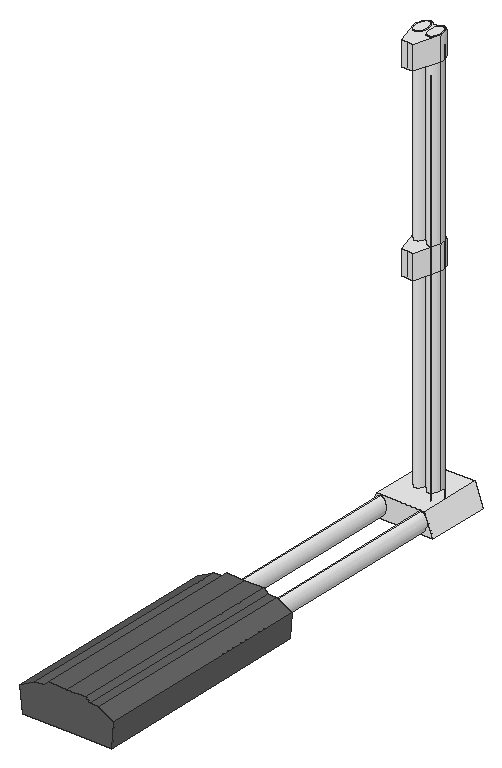
Revit family "HCL_Latchways_BaluAndGuardSym_VersiRail_Freestanding", category Railings, host Face, Revit 2014
Parameters (values of type "BalustradeAndGuardingSystem_VersiRailFreestanding_Straight_MSA_Latchways")
  WarrantyStartDate [instance] = "1900-12-31T23:59:59"
  WarrantyGuarantorParts = "n/a"
  WarrantyGuarantorLabor = "n/a"
  WarrantyDurationUnit = "year"
  WarrantyDurationParts = "n/a"
  WarrantyDurationLabor = "n/a"
  WarrantyDescription = "n/a"
  Version = "1"  # constant formula
  Uniclass2 = "Ss_25_15_60_05"
  URL = "www.latchways.com"
  Type Comments = "n/a"
  TagNumber [instance] = "n/a"
  SustainabilityPerformance = "n/a"
  Straight = yes
  Size = "235 x 1310 x 1150 mm"
  Shape = "n/a"
  ServiceLifeDuration = "n/a"
  SerialNumber [instance] = "n/a"
  Revision = "n/a"
  ReplacementCost = "n/a"
  Reference = "n/a"
  RailMaterial = LWplc_Latchwaysplc_Aluminium_Polished
  RailAngle = 90.00°
  ProductInformation = "www.latchways.com/BIM/Latchways_FreestandingStraightVersiRail_Datasheet.pdf"
  PostBaseGap [instance] = 10 mm
  NominalWidth = 253 mm
  NominalLength = 1310 mm
  NominalHeight = 1150 mm
  Name = "BalustradeAndGuardingSystem_VersiRailFreestanding_Straight_MSA_Latchways"
  NBSReference = "25-25-10/110"
  NBSNote = "n/a"
  NBSDescription = "Balustrade and guarding system"
  ModelReference = "VersiRail - Straight Freestanding assembly"
  ModelNumber = "22000-00+22080-01"
  Model = "22100-00+22080-00"
  Material = "Handrails & Uprights: Aluminium; Counterweight: Concrete filled HDPE with UV protection"
  ManufacturerURL = "www.latchways.com"
  ManufacturerName = "MSA Latchways"
  Manufacturer = "info@latchways.com"
  Keynote = ""
  IsExternal = yes
  Installer Website = "https://www.hclsafety.com/"
  Installer Info = "https://www.hclsafety.com/wp-content/uploads/2017/10/AC55-HCL-A4-brochure-2017.pdf"
  InstallationDate [instance] = "1900-12-31T23:59:59"
  Inclined = no
  IfcExportType = "IfcRailing"  # constant formula
  IfcExportAs = "GUARDRAIL"  # constant formula
  Height = 1150 mm
  Grade = "n/a"
  Finish = "n/a"
  Features = "n/a"
  ExpectedLife = "n/a"
  DurationUnit = "year"
  Diameter = 40 mm
  Description = "Latchways ManSafe® for Roofing, using VersiRail"
  Default Elevation = 1219.2 mm
  Curved = no
  CounterWeightMaterial = LWplc_Latchwaysplc_Plastic_VersiRailWeight
  Constituents = "n/a"
  Color = "n/a"
  CodePerformance = "n/a"
  Category = "n/a"
  BasePlateMaterial = LWplc_Latchwaysplc_Aluminium_Polished
  BarCode [instance] = "n/a"
  BIMObjectName = "HCL_Latchways_BalustradeAndGuardingSystem_VersiRailFreestanding_Straight"
  Author = "MSA Latchways"  # constant formula
  AssetType = "Movable"
  AssetIdentifier [instance] = "n/a"
  AccessibilityPerformance = "n/a"
Types (4, lengths in mm): name | Straight | ProductInformation | Name | ModelReference | ModelNumber | Inclined | Curved | BIMObjectName
  (no name) | yes | "www.latchways.com/BIM/Latchways_FreestandingStraightVersiRail_Datasheet.pdf" | "BalustradeAndGuardingSystem_VersiRailFreestanding_Straight_MSA_Latchways" | "VersiRail - Straight Freestanding assembly" | "22000-00+22080-01" | no | no | "HCL_Latchways_BalustradeAndGuardingSystem_VersiRailFreestanding_Straight"
  BalustradeAndGuardingSystem_VersiRailFreestanding_Straight_MSA_Latchways | yes | "www.latchways.com/BIM/Latchways_FreestandingStraightVersiRail_Datasheet.pdf" | "BalustradeAndGuardingSystem_VersiRailFreestanding_Straight_MSA_Latchways" | "VersiRail - Straight Freestanding assembly" | "22000-00+22080-01" | no | no | "HCL_Latchways_BalustradeAndGuardingSystem_VersiRailFreestanding_Straight"
  BalustradeAndGuardingSystem_VersiRailFreestanding_Inclined_MSA_Latchways | no | "www.latchways.com/BIM/Latchways_FreestandingInclinedVersiRail_Datasheet.pdf" | "BalustradeAndGuardingSystem_VersiRailFreestanding_Inclined_MSA_Latchways" | "VersiRail - Inclined Freestanding assembly" | "22100-00+22080-01" | yes | no | "HCL_Latchways_BalustradeAndGuardingSystem_VersiRailFreestanding_Inclined"
  BalustradeAndGuardingSystem_VersiRailFreestanding_Curved_MSA_Latchways | no | "www.latchways.com/BIM/Latchways_FreestandingCurvedVersiRail_Datasheet.pdf" | "BalustradeAndGuardingSystem_VersiRailFreestanding_Curved_MSA_Latchways" | "VersiRail - Curved Freestanding assembly" | "22200-00+22080-01" | no | yes | "HCL_Latchways_BalustradeAndGuardingSystem_VersiRailFreestanding_Curved"
Reference planes
  plane 1 "Center (Front/Back)": y = 0
  plane 2: z = 0
  plane 3 "Center (Left/Right)": x = 0
Lines and regions (mm)
  reference lines
    curve 1: line (0, 0, 0) -> (0, 0, 58.3)
    curve 2: line (0, 0, 0) -> (0, 0, 1160)
Dimensions and locks
  "RailAngle": angle level to curve 2
  aligned and locked: plane 2 to host face
  aligned and locked: level to host face
Automatic sketch dimensions
  host sketch curve to host sketch curve = 2438.4 mm
  host sketch curve to host sketch curve = 3252.438 mm
  curve 1 to plane 1 "Center (Front/Back)" = 0 mm
  curve 1 to level = 0 mm
  curve 1 to curve 1 = 58.3 mm
  curve 2 to curve 1 = 0 mm  (x2)
Nested families
  nested 1: "LWplc_VersiRail_BasePlate" at (0, 0, 0), type "LWplc_VersiRail_BasePlate"
  nested 2: "LWplc_VersiRail_CounterWeight" at (0, -617.5, 0), type "LWplc_VersiRail_CounterWeight"
  nested 3: "LWplc_VersiRail_StraightUpright" at (0, -20, 0), PostBaseGap <- "PostBaseGap", visible <- "Straight", type "LWplc_VersiRail_StraightUpright"
    with PostBaseGap 10 mm
  nested 4: "LWplc_VersiRail_InclinedUpright" at (0.625, 26.256, 0) x (-1, 0, 0) z (0, 0, 1), visible <- "Inclined", type "LWplc_VersiRail_InclinedUpright"
    with PostBaseGap 10 mm
  nested 5: "LWplc_VersiRail_CurvedUpright" at (-0.156, 4.375, 0) x (-1, 0, 0) z (0, 0, 1), visible <- "Curved", type "LWplc_VersiRail_CurvedUpright"
    with PostBaseGap 10 mm
Definition of nested family "LWplc_VersiRail_BasePlate"
  Parameters (values of type "LWplc_VersiRail_BasePlate")
    Default Elevation = 1219.2 mm
    BasePlateMaterial = LWplc_Latchwaysplc_Aluminium_Polished
  Reference planes
    plane 1 "Center (Front/Back)": y = 0
    plane 2: z = 0
    plane 3 "Center (Left/Right)": x = 0
    plane 4: x = -86
    plane 5: x = 86
    plane 6: y = -92.5
    plane 7: y = 92.5
    plane 8: y = 74.7
    plane 9: x = 35.5
    plane 10: x = -35.5
    plane 11: x = -54.8
    plane 12: x = 54.8
    plane 13: z = 58.3
    plane 14: z = 55
  Forms (mm)
    Extrusion 1, solid
      sketch origin (0, 0, 0) x (1, 0, 0) y (0, 1, 0)
        loop
          line (-1219.2, 1219.2) -> (-1219.2, -1219.2) -> (1219.2, -1219.2) -> (1219.2, 1219.2) -> (-1219.2, 1219.2)
      from 0 to -304.8
    Blend 2, solid, material "LWplc_Latchwaysplc_Aluminium_Polished" <- "BasePlateMaterial"
      base sketch origin (0, 0, 0) x (1, 0, 0) y (0, 1, 0)
        loop
          line (-86, 74.7) -> (-86, -92.5) -> (86, -92.5) -> (86, 74.7) -> (35.5, 92.5) -> (-35.5, 92.5) -> (-86, 74.7)
      top sketch origin (0, 0, 0) x (1, 0, 0) y (0, 1, 0)
        loop
          line (64.5, -92.5) -> (64.5, 74.7) -> (-64.5, 74.7) -> (-64.5, -92.5) -> (64.5, -92.5)
      from 0 to 58.3
    Extrusion 3, solid, material "LWplc_Latchwaysplc_Aluminium_Polished" <- "BasePlateMaterial"
      sketch origin (-0.1, 0, 2) x (1, 0, 0) y (0, 0, 1)
        loop
          spline (-54.7, 53) -> (-58.505, 52.182) -> (-62.05, 49.785) -> (-65.094, 45.971) -> (-67.431, 41) -> (-68.899, 35.212) -> (-69.4, 29) -> (-68.899, 22.788) -> (-67.431, 17) -> (-65.094, 12.029) -> (-62.05, 8.215) -> (-58.505, 5.818) -> (-54.7, 5)
          spline (-54.7, 5) -> (-50.895, 5.818) -> (-47.35, 8.215) -> (-44.306, 12.029) -> (-41.969, 17) -> (-40.501, 22.788) -> (-40, 29) -> (-40.501, 35.212) -> (-41.969, 41) -> (-44.306, 45.971) -> (-47.35, 49.785) -> (-50.895, 52.182) -> (-54.7, 53)
        loop
          spline (54.9, 53) -> (51.095, 52.182) -> (47.55, 49.785) -> (44.506, 45.971) -> (42.169, 41) -> (40.701, 35.212) -> (40.2, 29) -> (40.701, 22.788) -> (42.169, 17) -> (44.506, 12.029) -> (47.55, 8.215) -> (51.095, 5.818) -> (54.9, 5)
          spline (54.9, 5) -> (58.705, 5.818) -> (62.25, 8.215) -> (65.294, 12.029) -> (67.631, 17) -> (69.099, 22.788) -> (69.6, 29) -> (69.099, 35.212) -> (67.631, 41) -> (65.294, 45.971) -> (62.25, 49.785) -> (58.705, 52.182) -> (54.9, 53)
      from 92.5 to 946
  Dimensions and locks
    aligned and locked: plane 2 to Extrusion 1
    aligned and locked: level to Extrusion 1
    aligned and locked: Blend 2 sketch curve to plane 5
    aligned and locked: plane 6 to Blend 2 sketch curve  (x2)
    aligned and locked: plane 4 to Blend 2 sketch curve
    aligned and locked: Blend 2 sketch curve to plane 7
    aligned and locked: Blend 2 sketch curve to plane 8
    aligned and locked: plane 13 to Blend 2
    aligned and locked: Extrusion 3 to Blend 2
Definition of nested family "LWplc_VersiRail_CounterWeight"
  Parameters (values of type "LWplc_VersiRail_CounterWeight")
    Default Elevation = 1219.2 mm
    CounterWeightWidth = 252 mm
    CounterWeightMaterial = LWplc_Latchwaysplc_Plastic_VersiRailWeight
    CounterWeightLength = 600 mm
    CounterWeightHeight = 100 mm
  Reference planes
    plane 1 "Center (Front/Back)": y = 0
    plane 2: z = 0
    plane 3 "Center (Left/Right)": x = 0
    plane 4: y = -600
    plane 5: x = -126
    plane 6: x = 126
    plane 7: x = -85.5
    plane 8: x = 85.5
    plane 9: x = -60.6
    plane 10: x = 60.6
    plane 11: x = -49.5
    plane 12: x = 49.5
    plane 13: z = 66.8
    plane 14: z = 88.9
    plane 15: z = 100
  Forms (mm)
    Extrusion 1, solid
      sketch origin (0, 0, 0) x (1, 0, 0) y (0, 1, 0)
        loop
          line (-1219.2, 1219.2) -> (-1219.2, -1219.2) -> (1219.2, -1219.2) -> (1219.2, 1219.2) -> (-1219.2, 1219.2)
      from 0 to -304.8
    Extrusion 2, solid, material "LWplc_Latchwaysplc_Plastic_VersiRailWeight" <- "CounterWeightMaterial", detail levels medium+fine
      sketch origin (0, 0, 0) x (1, 0, 0) y (0, 0, 1)
        loop
          line (0, 0) -> (120.3, 0) -> (126, 66.8) -> (85.5, 88.9) -> (60.6, 88.9) -> (49.5, 100) -> (0, 100) -> (-49.5, 100) -> (-60.6, 88.9) -> (-85.5, 88.9) -> (-126, 66.8) -> (-120.3, 0) -> (0, 0)
      from 0 to 600
    Extrusion 3, solid, material "LWplc_Latchwaysplc_Plastic_VersiRailWeight" <- "CounterWeightMaterial", detail levels coarse
      sketch origin (0, 0, 0) x (1, 0, 0) y (0, 0, 1)
        loop
          line (-126, 100) -> (-126, 0) -> (126, 0) -> (126, 100) -> (-126, 100)
      from 0 to 600
  Lines and regions (mm)
    model lines, detail levels fine
      curve 1: circle (0, -43.7, 100) r 25 normal (0, 0, 1)
      curve 2: circle (0, -143.7, 100) r 25 normal (0, 0, 1)
  Dimensions and locks
    "CounterWeightLength": plane 1 "Center (Front/Back)" to plane 4
    equal spacing: plane 5, plane 3 "Center (Left/Right)", plane 6
    "CounterWeightWidth": plane 6 to plane 5
    locked: plane 15 to plane 14 at 11.1
    "CounterWeightHeight": plane 15 to plane 2
    locked: plane 14 to plane 13 at 22.1
    aligned and locked: plane 2 to Extrusion 1
    aligned and locked: level to Extrusion 1
    aligned and locked: Extrusion 2 to plane 4
    aligned and locked: plane 15 to Extrusion 2
    aligned and locked: plane 5 to Extrusion 2 sketch curve
    aligned and locked: plane 6 to Extrusion 2 sketch curve
    aligned and locked: plane 14 to Extrusion 2  (x2)
    aligned and locked: Extrusion 3 sketch curve to plane 15
    aligned and locked: plane 5 to Extrusion 3 sketch curve
    aligned and locked: level to Extrusion 3 sketch curve
    aligned and locked: plane 6 to Extrusion 3 sketch curve
    aligned and locked: Extrusion 3 to plane 1 "Center (Front/Back)"
    aligned and locked: Extrusion 3 to plane 4
  Automatic sketch dimensions
    Extrusion 1 sketch curve to Extrusion 1 sketch curve = 2438.4 mm  (x2)
    Extrusion 2 sketch curve to level = 0 mm
    Extrusion 2 sketch curve to plane 7 = 0 mm
    plane 9 to Extrusion 2 sketch curve = 0 mm
    Extrusion 2 sketch curve to plane 11 = 0 mm
    Extrusion 2 sketch curve to plane 3 "Center (Left/Right)" = 0 mm  (x2)
    plane 12 to Extrusion 2 sketch curve = 0 mm
    Extrusion 2 sketch curve to plane 10 = 0 mm
    plane 8 to Extrusion 2 sketch curve = 0 mm
    Extrusion 2 sketch curve to plane 13 = 0 mm  (x2)
    Extrusion 2 sketch curve to plane 14 = 0 mm  (x2)
    Extrusion 2 sketch curve to plane 15 = 0 mm
    plane 5 to Extrusion 2 sketch curve = 5.7 mm
    plane 6 to Extrusion 2 sketch curve = 5.7 mm
    curve 1 to Extrusion 2 = 0 mm
    curve 2 to Extrusion 2 = 0 mm
    Extrusion 2 to curve 1 = 43.7 mm
    curve 1 to curve 2 = 100 mm
    radius of curve 1 = 25 mm
    radius of curve 2 = 25 mm
Definition of nested family "LWplc_VersiRail_StraightUpright"
  Parameters (values of type "LWplc_VersiRail_StraightUpright")
    RailMaterial = LWplc_Latchwaysplc_Aluminium_Polished
    PostBaseGap [instance] = 10 mm
    Heightof Post = 1150 mm
    Default Elevation = 1219.2 mm
  Reference planes
    plane 1 "Center (Front/Back)": y = 0
    plane 2: z = 0
    plane 3 "Center (Left/Right)": x = 0
    plane 4: z = 10
    plane 5: z = 1160
    plane 6: z = 1095
    plane 7: z = 655
    plane 8: z = 590
    plane 9: z = 1050
    plane 10: z = 622.5
    plane 11: y = -26.25
    plane 12: z = 1127.5
  Forms (mm)
    Extrusion 1, solid
      sketch origin (0, 0, 0) x (1, 0, 0) y (0, 1, 0)
        loop
          line (-1219.2, 1219.2) -> (-1219.2, -1219.2) -> (1219.2, -1219.2) -> (1219.2, 1219.2) -> (-1219.2, 1219.2)
      from 0 to -304.8
    Extrusion 2, solid, material "LWplc_Latchwaysplc_Aluminium_Polished" <- "RailMaterial", detail levels medium+fine
      sketch origin (0, 108.1, 590) x (1, 0, 0) y (0, 1, 0)
        loop
          line (0, -160) -> (15, -160) -> (36.16, -90.929)
          spline (36.16, -90.929) -> (36.327, -85.309) -> (35.805, -79.744) -> (34.612, -74.442) -> (32.795, -69.604) -> (30.42, -65.412) -> (27.579, -62.024) -> (24.376, -59.566) -> (20.934, -58.132) -> (17.382, -57.775) -> (13.852, -58.509) -> (10.479, -60.307) -> (7.389, -63.1)
          line (7.389, -63.1) -> (-7.389, -63.1)
          spline (-7.389, -63.1) -> (-10.479, -60.307) -> (-13.852, -58.509) -> (-17.382, -57.775) -> (-20.934, -58.132) -> (-24.376, -59.566) -> (-27.579, -62.024) -> (-30.42, -65.412) -> (-32.795, -69.604) -> (-34.612, -74.442) -> (-35.805, -79.744) -> (-36.327, -85.309) -> (-36.16, -90.929)
          line (-36.16, -90.929) -> (-15, -160) -> (0, -160)
      from 0 to 65
    Extrusion 3, solid, material "LWplc_Latchwaysplc_Aluminium_Polished" <- "RailMaterial"
      sketch origin (0, -2.821, 0) x (1, 0, 0) y (0, 1, 0)
        loop
          spline (-32.35, 24.159) -> (-31.861, 17.688) -> (-30.428, 11.659) -> (-28.147, 6.481) -> (-25.175, 2.508) -> (-21.714, 0.011) -> (-18, -0.841) -> (-14.286, 0.011) -> (-10.825, 2.508) -> (-7.853, 6.481) -> (-5.573, 11.659) -> (-4.139, 17.688) -> (-3.65, 24.159)
          spline (-3.65, 24.159) -> (-4.139, 30.629) -> (-5.573, 36.659) -> (-7.853, 41.837) -> (-10.825, 45.81) -> (-14.286, 48.307) -> (-18, 49.159) -> (-21.714, 48.307) -> (-25.175, 45.81) -> (-28.147, 41.837) -> (-30.428, 36.659) -> (-31.861, 30.629) -> (-32.35, 24.159)
        loop
          spline (32.35, 24.159) -> (31.861, 30.629) -> (30.428, 36.659) -> (28.147, 41.837) -> (25.175, 45.81) -> (21.714, 48.307) -> (18, 49.159) -> (14.286, 48.307) -> (10.825, 45.81) -> (7.853, 41.837) -> (5.573, 36.659) -> (4.139, 30.629) -> (3.65, 24.159)
          spline (3.65, 24.159) -> (4.139, 17.688) -> (5.573, 11.659) -> (7.853, 6.481) -> (10.825, 2.508) -> (14.286, 0.011) -> (18, -0.841) -> (21.714, 0.011) -> (25.175, 2.508) -> (28.147, 6.481) -> (30.428, 11.659) -> (31.861, 17.688) -> (32.35, 24.159)
      from 10 to 1160
    Extrusion 4, solid, material "LWplc_Latchwaysplc_Aluminium_Polished" <- "RailMaterial", detail levels medium+fine
      sketch origin (0, 108.1, 1090) x (1, 0, 0) y (0, 1, 0)
        loop
          line (0, -160) -> (15, -160) -> (36.16, -90.929)
          spline (36.16, -90.929) -> (36.327, -85.309) -> (35.805, -79.744) -> (34.612, -74.442) -> (32.795, -69.604) -> (30.42, -65.412) -> (27.579, -62.024) -> (24.376, -59.566) -> (20.934, -58.132) -> (17.382, -57.775) -> (13.852, -58.509) -> (10.479, -60.307) -> (7.389, -63.1)
          line (7.389, -63.1) -> (-7.389, -63.1)
          spline (-7.389, -63.1) -> (-10.479, -60.307) -> (-13.852, -58.509) -> (-17.382, -57.775) -> (-20.934, -58.132) -> (-24.376, -59.566) -> (-27.579, -62.024) -> (-30.42, -65.412) -> (-32.795, -69.604) -> (-34.612, -74.442) -> (-35.805, -79.744) -> (-36.327, -85.309) -> (-36.16, -90.929)
          line (-36.16, -90.929) -> (-15, -160) -> (0, -160)
      from 5 to 70
  Lines and regions (mm)
    model lines, detail levels coarse
      curve 1: circle (0, -26.25, 622.5) r 20 normal (1, 0, 0)
      curve 2: circle (0, -26.25, 1127.5) r 20 normal (1, 0, 0)
  Dimensions and locks
    locked: plane 7 to plane 8 at 65
    "Heightof Post": plane 5 to plane 4
    locked: plane 5 to plane 6 at 65
    "PostBaseGap": plane 4 to plane 2
    locked: plane 10 to plane 7 at 32.5
    locked: plane 1 "Center (Front/Back)" to plane 11 at 26.25
    locked: plane 5 to plane 12 at 32.5
    aligned and locked: plane 2 to Extrusion 1
    aligned and locked: level to Extrusion 1
    aligned and locked: Extrusion 3 to plane 4
    aligned and locked: plane 5 to Extrusion 3
    aligned and locked: plane 7 to Extrusion 2
    aligned and locked: Extrusion 2 to plane 8
    aligned and locked: Extrusion 4 to Extrusion 3
    aligned and locked: Extrusion 4 to plane 6
    aligned and locked: plane 5 to Extrusion 4
    aligned and locked: plane 10 to curve 1
    aligned and locked: plane 11 to curve 1
    aligned and locked: plane 12 to curve 2
    aligned and locked: plane 11 to curve 2
  Automatic sketch dimensions
    Extrusion 1 sketch curve to Extrusion 1 sketch curve = 2438.4 mm  (x2)
    Extrusion 2 sketch curve to plane 3 "Center (Left/Right)" = 0 mm
    plane 11 to Extrusion 2 sketch curve = 25.65 mm
    Extrusion 2 sketch curve to plane 3 "Center (Left/Right)" = 7.389 mm
    Extrusion 2 sketch curve to plane 3 "Center (Left/Right)" = 15 mm
    Extrusion 2 sketch curve to plane 3 "Center (Left/Right)" = 36.16 mm
    plane 3 "Center (Left/Right)" to Extrusion 2 sketch curve = 7.389 mm
    Extrusion 2 sketch curve to Extrusion 2 sketch curve = 15 mm
    plane 3 "Center (Left/Right)" to Extrusion 2 sketch curve = 36.16 mm
    Extrusion 2 sketch curve to plane 3 "Center (Left/Right)" = 18 mm
    Extrusion 2 sketch curve to plane 3 "Center (Left/Right)" = 0.35 mm
    plane 3 "Center (Left/Right)" to Extrusion 2 sketch curve = 0.35 mm
    Extrusion 2 sketch curve to Extrusion 2 sketch curve = 17.65 mm
    Extrusion 2 sketch curve to plane 1 "Center (Front/Back)" = 17.171 mm  (x2)
    Extrusion 2 sketch curve to Extrusion 2 sketch curve = 27.829 mm
    Extrusion 3 sketch curve to plane 3 "Center (Left/Right)" = 32.35 mm
    Extrusion 3 sketch curve to Extrusion 3 sketch curve = 14.35 mm  (x2)
    plane 3 "Center (Left/Right)" to Extrusion 3 sketch curve = 3.65 mm
    Extrusion 3 sketch curve to plane 1 "Center (Front/Back)" = 21.338 mm  (x2)
    Extrusion 4 sketch curve to plane 3 "Center (Left/Right)" = 0 mm
    plane 11 to Extrusion 4 sketch curve = 25.65 mm
    Extrusion 4 sketch curve to plane 3 "Center (Left/Right)" = 7.389 mm
    Extrusion 4 sketch curve to plane 3 "Center (Left/Right)" = 15 mm
    Extrusion 4 sketch curve to plane 3 "Center (Left/Right)" = 36.16 mm
    plane 3 "Center (Left/Right)" to Extrusion 4 sketch curve = 7.389 mm
    Extrusion 4 sketch curve to Extrusion 4 sketch curve = 15 mm
    plane 3 "Center (Left/Right)" to Extrusion 4 sketch curve = 36.16 mm
    Extrusion 4 sketch curve to plane 3 "Center (Left/Right)" = 18 mm
    Extrusion 4 sketch curve to plane 3 "Center (Left/Right)" = 0.35 mm
    plane 3 "Center (Left/Right)" to Extrusion 4 sketch curve = 0.35 mm
    Extrusion 4 sketch curve to Extrusion 4 sketch curve = 17.65 mm
    Extrusion 4 sketch curve to plane 1 "Center (Front/Back)" = 17.171 mm  (x2)
    Extrusion 4 sketch curve to Extrusion 4 sketch curve = 27.829 mm
    radius of curve 1 = 20 mm
    radius of curve 2 = 20 mm
Definition of nested family "LWplc_VersiRail_InclinedUpright"
  Parameters (values of type "LWplc_VersiRail_InclinedUpright")
    RailMaterial = LWplc_Latchwaysplc_Aluminium_Polished
    PostExtention = Heightof Post - 640 mm  # 510 mm
    PostBaseGap [instance] = 10 mm
    Heightof Post = 1150 mm
    Default Elevation = 1150 mm
  Reference planes
    plane 1 "Center (Front/Back)": y = 0
    plane 2: z = 0
    plane 3 "Center (Left/Right)": x = 0
    plane 4: z = 10
  Forms (mm)
    Extrusion 1, solid
      sketch origin (0, 0, 0) x (1, 0, 0) y (0, 1, 0)
        loop
          line (-1219.2, 1219.2) -> (-1219.2, -1219.2) -> (1219.2, -1219.2) -> (1219.2, 1219.2) -> (-1219.2, 1219.2)
      from 0 to -304.8
    Sweep 2, solid, material "LWplc_Latchwaysplc_Aluminium_Polished" <- "RailMaterial"
      path origin (0.683, 0.704, 0) x (0, 1, 0) y (0, 0, 1)
        loop
          line (0, 10) -> (0, 124)
          arc (0, 124) -> (25.09, 396.969) -> (99.52, 660.791) r 1497.436
          line (99.52, 660.791) -> (307.434, 1126.486)
      profile origin (0.683, 0.704, 67) x (0, -1, 0) y (1, 0, 0)
        loop
          spline (-24.159, -32.35) -> (-17.688, -31.861) -> (-11.659, -30.428) -> (-6.481, -28.147) -> (-2.508, -25.175) -> (-0.011, -21.714) -> (0.841, -18) -> (-0.011, -14.286) -> (-2.508, -10.825) -> (-6.481, -7.853) -> (-11.659, -5.573) -> (-17.688, -4.139) -> (-24.159, -3.65)
          spline (-24.159, -3.65) -> (-30.629, -4.139) -> (-36.659, -5.573) -> (-41.837, -7.853) -> (-45.81, -10.825) -> (-48.307, -14.286) -> (-49.159, -18) -> (-48.307, -21.714) -> (-45.81, -25.175) -> (-41.837, -28.147) -> (-36.659, -30.428) -> (-30.629, -31.861) -> (-24.159, -32.35)
        loop
          spline (-24.159, 32.35) -> (-30.629, 31.861) -> (-36.659, 30.428) -> (-41.837, 28.147) -> (-45.81, 25.175) -> (-48.307, 21.714) -> (-49.159, 18) -> (-48.307, 14.286) -> (-45.81, 10.825) -> (-41.837, 7.853) -> (-36.659, 5.573) -> (-30.629, 4.139) -> (-24.159, 3.65)
          spline (-24.159, 3.65) -> (-17.688, 4.139) -> (-11.659, 5.573) -> (-6.481, 7.853) -> (-2.508, 10.825) -> (-0.011, 14.286) -> (0.841, 18) -> (-0.011, 21.714) -> (-2.508, 25.175) -> (-6.481, 28.147) -> (-11.659, 30.428) -> (-17.688, 31.861) -> (-24.159, 32.35)
    Extrusion 3, solid, material "LWplc_Latchwaysplc_Aluminium_Polished" <- "RailMaterial", detail levels medium+fine
      sketch origin (0.683, 12.313, 602.504) x (1, 0, 0) y (0, 0.945519, -0.325568)
        loop
          line (0, 160) -> (-15, 160) -> (-36.16, 90.929)
          spline (-36.16, 90.929) -> (-36.327, 85.309) -> (-35.805, 79.744) -> (-34.612, 74.442) -> (-32.795, 69.604) -> (-30.42, 65.412) -> (-27.579, 62.024) -> (-24.376, 59.566) -> (-20.934, 58.132) -> (-17.382, 57.775) -> (-13.852, 58.509) -> (-10.479, 60.307) -> (-7.389, 63.1)
          line (-7.389, 63.1) -> (7.389, 63.1)
          spline (7.389, 63.1) -> (10.479, 60.307) -> (13.852, 58.509) -> (17.382, 57.775) -> (20.934, 58.132) -> (24.376, 59.566) -> (27.579, 62.024) -> (30.42, 65.412) -> (32.795, 69.604) -> (34.612, 74.442) -> (35.805, 79.744) -> (36.327, 85.309) -> (36.16, 90.929)
          line (36.16, 90.929) -> (15, 160) -> (0, 160)
      from 0 to 65
    Extrusion 4, solid, material "LWplc_Latchwaysplc_Aluminium_Polished" <- "RailMaterial", detail levels medium+fine
      sketch origin (-6.967, 323.906, 1119.446) x (1, 0, 0) y (0, 0.913127, -0.407676)
        loop
          line (7.262, 78.799) -> (-7.738, 78.799) -> (-28.898, 9.729)
          spline (-28.898, 9.729) -> (-29.066, 4.109) -> (-28.543, -1.457) -> (-27.351, -6.758) -> (-25.533, -11.596) -> (-23.159, -15.788) -> (-20.317, -19.177) -> (-17.115, -21.634) -> (-13.673, -23.069) -> (-10.12, -23.425) -> (-6.591, -22.691) -> (-3.217, -20.894) -> (-0.127, -18.101)
          line (-0.127, -18.101) -> (14.65, -18.101)
          spline (14.65, -18.101) -> (17.741, -20.894) -> (21.114, -22.691) -> (24.643, -23.425) -> (28.196, -23.069) -> (31.638, -21.634) -> (34.84, -19.177) -> (37.682, -15.788) -> (40.056, -11.596) -> (41.874, -6.758) -> (43.066, -1.457) -> (43.589, 4.109) -> (43.421, 9.729)
          line (43.421, 9.729) -> (22.262, 78.799) -> (7.262, 78.799)
      from 0 to -65
  Lines and regions (mm)
    model lines, detail levels coarse
      curve 1: circle (0, 361.015, 1067.805) r 20 normal (1, 0, 0)
      curve 2: circle (0, 153.399, 588.391) r 20 normal (1, 0, 0)
  Dimensions and locks
    "PostExtention": Sweep 2 sketch curve to Sweep 2 sketch curve
    locked: Extrusion 4 to curve 1 at 32.027
    locked: Extrusion 4 to curve 1 at 23.861
    locked: Extrusion 3 to curve 2 at 22.006
    locked: Extrusion 3 to curve 2 at 32.588
    locked: Sweep 2 sketch curve to level (angle 65.9411°)
    aligned and locked: plane 2 to Extrusion 1
    aligned and locked: level to Extrusion 1
  Automatic sketch dimensions
    Extrusion 1 sketch curve to Extrusion 1 sketch curve = 2438.4 mm  (x2)
    profile plane to Sweep 2 sketch curve = 24.159 mm
    Sweep 2 sketch curve to Sweep 2 sketch curve = 0 mm
    Sweep 2 sketch curve to profile plane = 32.35 mm
    Sweep 2 sketch curve to Sweep 2 sketch curve = 14.35 mm  (x2)
    profile plane to Sweep 2 sketch curve = 3.65 mm
    Extrusion 3 sketch curve to plane 3 "Center (Left/Right)" = 35.477 mm
    plane 3 "Center (Left/Right)" to Extrusion 3 sketch curve = 8.072 mm
    Extrusion 3 sketch curve to plane 3 "Center (Left/Right)" = 6.706 mm
    plane 3 "Center (Left/Right)" to Extrusion 3 sketch curve = 36.843 mm
    Extrusion 3 sketch curve to plane 3 "Center (Left/Right)" = 14.317 mm
    plane 3 "Center (Left/Right)" to Extrusion 3 sketch curve = 15.683 mm
    plane 3 "Center (Left/Right)" to Extrusion 3 sketch curve = 0.683 mm
    Extrusion 3 sketch curve to plane 3 "Center (Left/Right)" = 17.317 mm
    plane 3 "Center (Left/Right)" to Extrusion 3 sketch curve = 0.333 mm
    Extrusion 3 sketch curve to Extrusion 3 sketch curve = 0.7 mm
    Extrusion 3 sketch curve to Extrusion 3 sketch curve = 17.65 mm
    Extrusion 3 sketch curve to Extrusion 3 sketch curve = 27.829 mm
    Extrusion 3 sketch curve to Extrusion 3 sketch curve = 4.167 mm
    Extrusion 3 sketch curve to Extrusion 3 sketch curve = 69.071 mm
    Extrusion 4 sketch curve to Extrusion 4 sketch curve = 21.16 mm
    Extrusion 4 sketch curve to Extrusion 4 sketch curve = 28.771 mm  (x2)
    Extrusion 4 sketch curve to Extrusion 4 sketch curve = 15 mm  (x2)
    Extrusion 4 sketch curve to Extrusion 4 sketch curve = 14.778 mm
    Extrusion 4 sketch curve to Extrusion 4 sketch curve = 18.16 mm
    Extrusion 4 sketch curve to Extrusion 4 sketch curve = 17.65 mm  (x2)
    Extrusion 4 sketch curve to Extrusion 4 sketch curve = 0.7 mm
    Extrusion 4 sketch curve to Extrusion 4 sketch curve = 27.829 mm
    Extrusion 4 sketch curve to Extrusion 4 sketch curve = 4.167 mm
    Extrusion 4 sketch curve to Extrusion 4 sketch curve = 69.071 mm
    Sweep 2 sketch curve to plane 1 "Center (Front/Back)" = 0.704 mm
    plane 4 to Sweep 2 sketch curve = 114 mm
    Sweep 2 sketch curve to plane 4 = 0 mm
    Sweep 2 sketch curve to plane 1 "Center (Front/Back)" = 100.224 mm
    Sweep 2 sketch curve to Sweep 2 sketch curve = 1497.436 mm
    radius of curve 1 = 20 mm
    radius of curve 2 = 20 mm
Definition of nested family "LWplc_VersiRail_CurvedUpright"
  Parameters (values of type "LWplc_VersiRail_CurvedUpright")
    RailMaterial = LWplc_Latchwaysplc_Aluminium_Polished
    RadiusofPost = Heightof Post + 344 mm  # 1494 mm
    PostBaseGap [instance] = 10 mm
    Heightof Post = 1150 mm
    Default Elevation = 1219.2 mm
  Reference planes
    plane 1 "Center (Front/Back)": y = 0
    plane 2: z = 0
    plane 3 "Center (Left/Right)": x = 0
    plane 4: z = 10
  Forms (mm)
    Extrusion 1, solid
      sketch origin (0, 0, 0) x (1, 0, 0) y (0, 1, 0)
        loop
          line (-1219.2, 1219.2) -> (-1219.2, -1219.2) -> (1219.2, -1219.2) -> (1219.2, 1219.2) -> (-1219.2, 1219.2)
      from 0 to -304.8
    Sweep 2, solid, material "LWplc_Latchwaysplc_Aluminium_Polished" <- "RailMaterial"
      path origin (-0.149, -45.183, 0) x (0, 1, 0) y (0, 0, 1)
        loop
          line (24.159, 10) -> (24.159, 125)
          arc (24.159, 125) -> (139.38, 700.33) -> (467.271, 1186.918) r 1494
      profile origin (-0.149, -21.024, 67.5) x (0, -1, 0) y (1, 0, 0)
        loop
          spline (-24.159, -32.35) -> (-17.688, -31.861) -> (-11.659, -30.428) -> (-6.481, -28.147) -> (-2.508, -25.175) -> (-0.011, -21.714) -> (0.841, -18) -> (-0.011, -14.286) -> (-2.508, -10.825) -> (-6.481, -7.853) -> (-11.659, -5.573) -> (-17.688, -4.139) -> (-24.159, -3.65)
          spline (-24.159, -3.65) -> (-30.629, -4.139) -> (-36.659, -5.573) -> (-41.837, -7.853) -> (-45.81, -10.825) -> (-48.307, -14.286) -> (-49.159, -18) -> (-48.307, -21.714) -> (-45.81, -25.175) -> (-41.837, -28.147) -> (-36.659, -30.428) -> (-30.629, -31.861) -> (-24.159, -32.35)
        loop
          spline (-24.159, 32.35) -> (-30.629, 31.861) -> (-36.659, 30.428) -> (-41.837, 28.147) -> (-45.81, 25.175) -> (-48.307, 21.714) -> (-49.159, 18) -> (-48.307, 14.286) -> (-45.81, 10.825) -> (-41.837, 7.853) -> (-36.659, 5.573) -> (-30.629, 4.139) -> (-24.159, 3.65)
          spline (-24.159, 3.65) -> (-17.688, 4.139) -> (-11.659, 5.573) -> (-6.481, 7.853) -> (-2.508, 10.825) -> (-0.011, 14.286) -> (0.841, 18) -> (-0.011, 21.714) -> (-2.508, 25.175) -> (-6.481, 28.147) -> (-11.659, 30.428) -> (-17.688, 31.861) -> (-24.159, 32.35)
    Extrusion 3, solid, material "LWplc_Latchwaysplc_Aluminium_Polished" <- "RailMaterial", detail levels medium+fine
      sketch origin (-0.149, -10.449, 602.504) x (1, 0, 0) y (0, 0.945519, -0.325568)
        loop
          line (0, 160) -> (-15, 160) -> (-36.16, 90.929)
          spline (-36.16, 90.929) -> (-36.327, 85.309) -> (-35.805, 79.744) -> (-34.612, 74.442) -> (-32.795, 69.604) -> (-30.42, 65.412) -> (-27.579, 62.024) -> (-24.376, 59.566) -> (-20.934, 58.132) -> (-17.382, 57.775) -> (-13.852, 58.509) -> (-10.479, 60.307) -> (-7.389, 63.1)
          line (-7.389, 63.1) -> (7.389, 63.1)
          spline (7.389, 63.1) -> (10.479, 60.307) -> (13.852, 58.509) -> (17.382, 57.775) -> (20.934, 58.132) -> (24.376, 59.566) -> (27.579, 62.024) -> (30.42, 65.412) -> (32.795, 69.604) -> (34.612, 74.442) -> (35.805, 79.744) -> (36.327, 85.309) -> (36.16, 90.929)
          line (36.16, 90.929) -> (15, 160) -> (0, 160)
      from 0 to 65
    Extrusion 4, solid, material "LWplc_Latchwaysplc_Aluminium_Polished" <- "RailMaterial", detail levels medium+fine
      sketch origin (-0.149, 349.822, 1259.942) x (1, 0, 0) y (0, 0.703406, -0.710788)
        loop
          line (0, 198.932) -> (-15, 198.932) -> (-36.16, 129.861)
          spline (-36.16, 129.861) -> (-36.327, 124.241) -> (-35.805, 118.676) -> (-34.612, 113.374) -> (-32.795, 108.536) -> (-30.42, 104.344) -> (-27.579, 100.956) -> (-24.376, 98.498) -> (-20.934, 97.064) -> (-17.382, 96.707) -> (-13.852, 97.442) -> (-10.479, 99.239) -> (-7.389, 102.032)
          line (-7.389, 102.032) -> (7.389, 102.032)
          spline (7.389, 102.032) -> (10.479, 99.239) -> (13.852, 97.442) -> (17.382, 96.707) -> (20.934, 97.064) -> (24.376, 98.498) -> (27.579, 100.956) -> (30.42, 104.344) -> (32.795, 108.536) -> (34.612, 113.374) -> (35.805, 118.676) -> (36.327, 124.241) -> (36.16, 129.861)
          line (36.16, 129.861) -> (15, 198.932) -> (0, 198.932)
      from -65 to 0
  Lines and regions (mm)
    model lines, detail levels coarse
      curve 1: circle (0, 449.976, 1112.31) r 20 normal (1, 0, 0)
      curve 2: circle (0, 128.651, 588.374) r 20 normal (1, 0, 0)
  Dimensions and locks
    locked: Extrusion 4 to Extrusion 4 at 65
    "PostBaseGap": plane 4 to plane 2
    locked: Extrusion 4 to curve 1 at 23.548
    locked: Extrusion 4 to curve 1 at 32.343
    locked: Extrusion 3 to curve 2 at 23.878
    locked: Extrusion 3 to curve 2 at 31.926
    "RadiusofPost": radius of Sweep 2 sketch curve
    locked: Sweep 2 sketch curve to Sweep 2 sketch curve (angle 45.2991°)
    aligned and locked: plane 2 to Extrusion 1
    aligned and locked: level to Extrusion 1
    aligned and locked: Extrusion 4 to Sweep 2
    aligned and locked: plane 4 to Sweep 2 sketch curve
  Automatic sketch dimensions
    Extrusion 1 sketch curve to Extrusion 1 sketch curve = 2438.4 mm  (x2)
    plane 1 "Center (Front/Back)" to Sweep 2 sketch curve = 21.024 mm
    plane 4 to Sweep 2 sketch curve = 115 mm
    profile plane to Sweep 2 sketch curve = 24.159 mm
    Sweep 2 sketch curve to Sweep 2 sketch curve = 0 mm
    Sweep 2 sketch curve to profile plane = 32.35 mm
    Sweep 2 sketch curve to Sweep 2 sketch curve = 14.35 mm  (x2)
    profile plane to Sweep 2 sketch curve = 3.65 mm
    Extrusion 3 sketch curve to plane 3 "Center (Left/Right)" = 36.309 mm
    plane 3 "Center (Left/Right)" to Extrusion 3 sketch curve = 7.24 mm
    Extrusion 3 sketch curve to plane 3 "Center (Left/Right)" = 7.538 mm
    plane 3 "Center (Left/Right)" to Extrusion 3 sketch curve = 36.011 mm
    Extrusion 3 sketch curve to plane 3 "Center (Left/Right)" = 15.149 mm
    plane 3 "Center (Left/Right)" to Extrusion 3 sketch curve = 14.851 mm
    Extrusion 3 sketch curve to plane 3 "Center (Left/Right)" = 0.149 mm
    Extrusion 3 sketch curve to plane 3 "Center (Left/Right)" = 18.149 mm
    Extrusion 3 sketch curve to plane 3 "Center (Left/Right)" = 0.499 mm
    plane 3 "Center (Left/Right)" to Extrusion 3 sketch curve = 0.201 mm
    Extrusion 3 sketch curve to Extrusion 3 sketch curve = 17.65 mm
    Extrusion 3 sketch curve to Extrusion 3 sketch curve = 27.829 mm
    Extrusion 3 sketch curve to Extrusion 3 sketch curve = 4.167 mm
    Extrusion 3 sketch curve to Extrusion 3 sketch curve = 69.071 mm
    Extrusion 4 sketch curve to Extrusion 4 sketch curve = 21.16 mm
    Extrusion 4 sketch curve to Extrusion 4 sketch curve = 28.771 mm  (x2)
    Extrusion 4 sketch curve to Extrusion 4 sketch curve = 15 mm  (x2)
    Extrusion 4 sketch curve to Extrusion 4 sketch curve = 14.778 mm
    Extrusion 4 sketch curve to Extrusion 4 sketch curve = 18.16 mm
    Extrusion 4 sketch curve to Extrusion 4 sketch curve = 17.65 mm  (x2)
    Extrusion 4 sketch curve to Extrusion 4 sketch curve = 0.7 mm
    Extrusion 4 sketch curve to Extrusion 4 sketch curve = 27.829 mm
    Extrusion 4 sketch curve to Extrusion 4 sketch curve = 4.167 mm
    Extrusion 4 sketch curve to Extrusion 4 sketch curve = 69.071 mm
    radius of curve 1 = 20 mm
    radius of curve 2 = 20 mm
